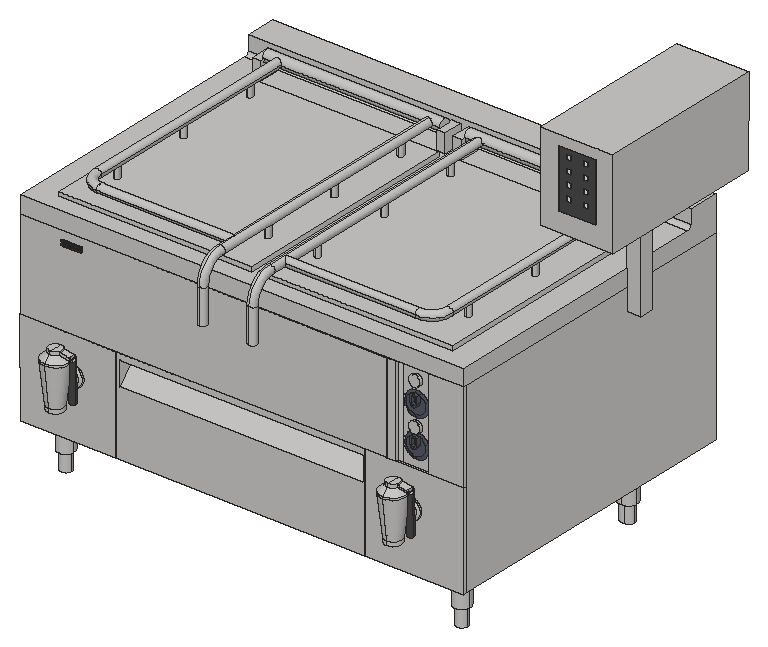
Revit family "QF_ZANUSSI_291162_CR42V", category Attrezzature speciali, Revit 2021
Family settings
  Quota connettore circolare = Usa diametro
  Tipo di parte = Normale
  Basato su piano di lavoro = No
  Sempre verticale = Sì
  Taglio con vuoti quando caricato = No
  Condiviso = No
  Punto di calcolo locali = No
Parameters (values of type "Standard")
  Weight = 380.00 kg
  Watts = 500 W
  Volts = 230 V
  URL Manufacturer = "http://www.zanussiprofessional.com"
  URL = "http://www.zanussiprofessional.com"
  Steam Supply Size = 69.85 mm
  Steam Supply Minimum Pressure = 0.0 Pa
  Steam Supply Maximum Pressure = 1.47638 Pa
  Steam Consumption per Hour = 100
  Refrigeration Suction Line Size = 0 mm
  Refrigeration Liquid Line Size = 0 mm
  Refrigerant Compressor Remote = yes
  Prospetto di default = 0 mm
  Produttore = "Zanussi"
  Phase = 1
  Modello = "CR42V"
  Length Actual = 1600 mm  # constant formula
  Item Number = "291162"
  Hot Water Size = 0 mm
  Height Actual = 850 mm  # constant formula
  HP = "0.7 HP"
  Gas Size = 0 mm
  Gas KW = 0
  Gas Input Pressure = 0 W
  Direct Waste Size = 50.8 mm
  Descrizione = "AUTOMATIC PASTA COOKER-STEAM 2X190 LT"
  Depth Actual = 1280 mm  # constant formula
  Cycle = 50 Hz
  Condensate Return Size = 12.7 mm
  Compressed Air Volume = 0.0 L/s
  Compressed Air Size = 0 mm
  Compressed Air Pressure = 0.0 Pa
  Cold Water Size = 19.05 mm
  Accessory = yes
Reference planes
  plane 1 "Center (Front/Back)": y = 352
  plane 2: z = 0
  plane 3 "Center (Left/Right)": x = -256
  plane 4 "BASE": z = 170
  plane 5 "DisplayBase": z = 1120
  plane 6 "PLANE": z = 900
  plane 7 "FRONT": y = -218
  plane 8 "BACK": y = 922
  plane 9 "LEFT": x = -1056
  plane 10 "RIGHT": x = 544
  plane 11 "EIx": x = 574
  plane 12: x = -1556
  plane 13: x = 1194
  plane 14: y = 1722
  plane 15: z = 1440
  plane 16: x = -966
  plane 17: x = 444
  plane 18: y = 642
  plane 19: y = -118
  plane 20: y = -208
  plane 21: y = 422.42
  plane 22 "ProfiloTubolare": z = 1210
  plane 23 "ProfiloTube": z = 965.724
  plane 24 "ProfiloTube2": x = -346
  plane 25 "EIy": y = 787
  plane 26: x = 605.338
  plane 27 "SupportoDisplayY": y = 546.798
  plane 28: x = -866
  plane 29: x = 354
  plane 30 "HWIz": z = 205
  plane 31 "SIz": z = 275
  plane 32 "SOz": z = 295
  plane 33 "Display": y = 258.192
  plane 34 "HWIx": x = -956
  plane 35 "SIx": x = -861
  plane 36 "SOx": x = -811
  plane 37: z = 310
  plane 38: x = 704
  plane 39: y = -343
Forms (mm)
  Extrusion 1, solid, material "QF_Finishes_Stainless Steel"
    sketch origin (0, 0, 170) x (-1, 0, 0) y (0, -1, 0)
      loop
        line (1056, -922) -> (1056, 208) -> (-544, 208) -> (-544, -922) -> (1056, -922)
    from 0 to 690
  Extrusion 2, solid, material "QF_Finishes_Stainless Steel"
    sketch origin (0, -218, 0) x (0, 0, 1) y (-1, 0, 0)
      loop
        line (170, 1056) -> (170, 711) -> (515, 711) -> (515, 1056) -> (170, 1056)
      loop
        line (170, -544) -> (515, -544) -> (515, -189) -> (170, -189) -> (170, -544)
    from 0 to -10
  Extrusion 3, solid, material "QF_Finishes_Stainless Steel"
    sketch origin (0, -218, 0) x (0, 0, 1) y (-1, 0, 0)
      loop
        line (515, 1056) -> (515, -269) -> (840, -269) -> (840, 1056) -> (515, 1056)
    from 0 to -10
  Extrusion 4, void
    sketch origin (0, -218, 0) x (0, 0, 1) y (-1, 0, 0)
      loop
        line (170, 711) -> (170, -189) -> (515, -189) -> (515, 711) -> (170, 711)
    from 0 to -60
  Extrusion 5, solid, material "QF_Finishes_Stainless Steel"
    sketch origin (0, -218, 0) x (0, 0, 1) y (-1, 0, 0)
      loop
        line (515, 711) -> (170, 711) -> (170, -189) -> (515, -189) -> (515, 711)
    from 0 to -60
  Extrusion 6, void
    sketch origin (-256, 0, 0) x (0, 1, 0) y (0, 0, 1)
      loop
        line (-218, 495) -> (-218, 405) -> (-168, 462.126) -> (-168, 510) -> (-208, 510) -> (-208, 495) -> (-218, 495)
    from -440 to 440
  Extrusion 7, solid, material "QF_Finishes_Stainless Steel"
    sketch origin (0, -218, 0) x (0, 0, 1) y (-1, 0, 0)
      loop
        line (840, -269) -> (515, -269) -> (515, -299) -> (840, -299) -> (840, -269)
      loop
        line (840, -544) -> (840, -419) -> (515, -419) -> (515, -544) -> (840, -544)
    from 0 to -10
  Extrusion 8, void
    sketch origin (0, 0, 900) x (0, 1, 0) y (-1, 0, 0)
      loop
        line (-208, -299) -> (-208, -419) -> (-197.393, -408.393) -> (-197.393, -309.607) -> (-208, -299)
    from -405 to -60
  Extrusion 9, solid, material "QF_Finishes_Stainless Steel"
    sketch origin (0, -218, 0) x (0, 0, 1) y (-1, 0, 0)
      loop
        circle (791.509, -359) r 20
      loop
        circle (640.167, -359) r 20
    from -20.607 to -10
  Blend 10, solid, material "QF_Finishes_Navy Blue"
    base sketch origin (0, -218, 0) x (0, 0, 1) y (-1, 0, 0)
      loop
        circle (713.251, -359) r 45
    top sketch origin (0, -218, 0) x (0, 0, 1) y (-1, 0, 0)
      loop
        circle (713.251, -359) r 35
    from -20.607 to -18.101
  Extrusion 11, solid, material "QF_Finishes_Navy Blue"
    sketch origin (0, -218, 0) x (0, 0, 1) y (-1, 0, 0)
      loop
        line (746.13, -347) -> (719.69, -347)
        arc (719.69, -347) -> (707.69, -359) -> (719.69, -371) r 12
        line (719.69, -371) -> (746.13, -371)
        arc (746.13, -371) -> (748.251, -359) -> (746.13, -347) r 35
      loop
        line (742.423, -352) -> (719.69, -352)
        arc (719.69, -352) -> (712.69, -359) -> (719.69, -366) r 7
        line (719.69, -366) -> (742.423, -366)
        arc (742.423, -366) -> (743.251, -359) -> (742.423, -352) r 30
    from -6.44 to -18.101
  Blend 12, solid, material "QF_Finishes_Navy Blue"
    base sketch origin (0, -218, -155) x (0, 0, 1) y (-1, 0, 0)
      loop
        circle (733.251, -359) r 45
    top sketch origin (0, -218, -155) x (0, 0, 1) y (-1, 0, 0)
      loop
        circle (733.251, -359) r 35
    from -20.607 to -18.101
  Extrusion 13, solid, material "QF_Finishes_Navy Blue"
    sketch origin (0, -218, -155) x (0, 0, 1) y (-1, 0, 0)
      loop
        line (766.13, -347) -> (739.69, -347)
        arc (739.69, -347) -> (727.69, -359) -> (739.69, -371) r 12
        line (739.69, -371) -> (766.13, -371)
        arc (766.13, -371) -> (768.251, -359) -> (766.13, -347) r 35
      loop
        line (762.423, -352) -> (739.69, -352)
        arc (739.69, -352) -> (732.69, -359) -> (739.69, -366) r 7
        line (739.69, -366) -> (762.423, -366)
        arc (762.423, -366) -> (763.251, -359) -> (762.423, -352) r 30
    from -6.44 to -18.101
  Extrusion 14, solid, material "QF_Finishes_Stainless Steel"
    sketch origin (0, 0, 900) x (0, 1, 0) y (-1, 0, 0)
      loop
        line (692, 966) -> (-155.274, 966) -> (-155.274, 271) -> (692, 271) -> (692, 966)
    from 0 to 15
  Extrusion 15, solid, material "QF_Finishes_Stainless Steel"
    sketch origin (0, 0, 900) x (0, 1, 0) y (-1, 0, 0)
      loop
        line (787, 966) -> (717, 966) -> (717, 936) -> (787, 936) -> (787, 966)
      loop
        line (787, 301) -> (717, 301) -> (717, 271) -> (787, 271) -> (787, 301)
    from 0 to 66.232
  Sweep 16, solid, material "QF_Finishes_Stainless Steel"
    path origin (0, 0, 965.724) x (-1, 0, 0) y (0, -1, 0)
      loop
        line (891, -752) -> (891, 78)
        arc (891, 78) -> (873.426, 120.426) -> (831, 138) r 60
        line (831, 138) -> (346, 138)
    profile origin (-891, 337, 965.724) x (1, 0, 0) y (0, 0, 1)
      loop
        circle (0, 0) r 15
  Sweep 17, solid, material "QF_Finishes_Stainless Steel"
    path origin (-346, 0, 0) x (0, 0, 1) y (0, -1, 0)
      loop
        line (965.724, -752) -> (965.724, 201.972)
        arc (965.724, 201.972) -> (942.292, 258.541) -> (885.724, 281.972) r 80
        line (885.724, 281.972) -> (762.083, 281.972)
    profile origin (-346, 275.014, 965.724) x (0, 0, -1) y (1, 0, 0)
      loop
        circle (0, 0) r 15
  Extrusion 18, solid, material "QF_Finishes_Stainless Steel"
    sketch origin (-256, 0, 0) x (0, 1, 0) y (0, 0, 1)
      loop
        line (-218, 840) -> (922, 840) -> (922, 965.724) -> (812, 965.724) -> (812, 915)
        arc (812, 915) -> (807.607, 904.393) -> (797, 900) r 15
        line (797, 900) -> (-218, 900) -> (-218, 840)
    from -800 to 800
  Extrusion 19, solid, material "QF_Finishes_Stainless Steel"
    sketch origin (-256, 0, 0) x (0, 1, 0) y (0, 0, 1)
      loop
        circle (752, 965.724) r 20
    from -45 to -685
  Extrusion 20, solid, material "QF_Finishes_Stainless Steel"
    sketch origin (0, 0, 1210) x (0, -1, 0) y (1, 0, 0)
      loop
        circle (-787, 574) r 10
    from -90 to -103.307
  Extrusion 21, solid, material "QF_Finishes_Stainless Steel"
    sketch origin (0, -240.202, 900) x (0, 1, 0) y (-1, 0, 0)
      loop
        line (762, -594) -> (812, -594) -> (812, -544) -> (762, -544) -> (762, -594)
    from -137.917 to 200
  Extrusion 22, solid, material "QF_Finishes_Stainless Steel"
    sketch origin (0, 352, 0) x (1, 0, 0) y (0, 0, 1)
      loop
        line (444, 1120) -> (704, 1120) -> (704, 1440) -> (444, 1440) -> (444, 1120)
    from -516.192 to 93.808
  Extrusion 23, void
    sketch origin (0, 258.192, 0) x (0, 0, 1) y (-1, 0, 0)
      loop
        line (1400, -506.5) -> (1190, -506.5) -> (1190, -641.5) -> (1400, -641.5) -> (1400, -506.5)
    from 0 to -14.147
  Extrusion 24, solid, material "QF_Plastic-Black-Matte"
    sketch origin (0, 258.192, 0) x (0, 0, 1) y (-1, 0, 0)
      loop
        line (1400, -506.5) -> (1190, -506.5) -> (1190, -641.5) -> (1400, -641.5) -> (1400, -506.5)
      loop
        line (1381.554, -536.792) -> (1366.554, -536.792) -> (1366.554, -551.792) -> (1381.554, -551.792) -> (1381.554, -536.792)
      loop
        line (1336.554, -536.792) -> (1321.554, -536.792) -> (1321.554, -551.792) -> (1336.554, -551.792) -> (1336.554, -536.792)
      loop
        line (1291.554, -536.792) -> (1276.554, -536.792) -> (1276.554, -551.792) -> (1291.554, -551.792) -> (1291.554, -536.792)
      loop
        line (1246.554, -536.792) -> (1231.554, -536.792) -> (1231.554, -551.792) -> (1246.554, -551.792) -> (1246.554, -536.792)
      loop
        line (1381.554, -611.208) -> (1381.554, -596.208) -> (1366.554, -596.208) -> (1366.554, -611.208) -> (1381.554, -611.208)
      loop
        line (1336.554, -611.208) -> (1336.554, -596.208) -> (1321.554, -596.208) -> (1321.554, -611.208) -> (1336.554, -611.208)
      loop
        line (1291.554, -611.208) -> (1291.554, -596.208) -> (1276.554, -596.208) -> (1276.554, -611.208) -> (1291.554, -611.208)
      loop
        line (1246.554, -611.208) -> (1246.554, -596.208) -> (1231.554, -596.208) -> (1231.554, -611.208) -> (1246.554, -611.208)
    from 0 to -14.147
  Extrusion 25, solid, material "QF_Finishes_White"
    sketch origin (0, 258.192, 0) x (0, 0, 1) y (-1, 0, 0)
      loop
        line (1381.554, -536.792) -> (1366.554, -536.792) -> (1366.554, -551.792) -> (1381.554, -551.792) -> (1381.554, -536.792)
      loop
        line (1381.554, -596.208) -> (1366.554, -596.208) -> (1366.554, -611.208) -> (1381.554, -611.208) -> (1381.554, -596.208)
      loop
        line (1336.554, -536.792) -> (1321.554, -536.792) -> (1321.554, -551.792) -> (1336.554, -551.792) -> (1336.554, -536.792)
      loop
        line (1336.554, -596.208) -> (1321.554, -596.208) -> (1321.554, -611.208) -> (1336.554, -611.208) -> (1336.554, -596.208)
      loop
        line (1291.554, -536.792) -> (1276.554, -536.792) -> (1276.554, -551.792) -> (1291.554, -551.792) -> (1291.554, -536.792)
      loop
        line (1291.554, -596.208) -> (1276.554, -596.208) -> (1276.554, -611.208) -> (1291.554, -611.208) -> (1291.554, -596.208)
      loop
        line (1246.554, -536.792) -> (1231.554, -536.792) -> (1231.554, -551.792) -> (1246.554, -551.792) -> (1246.554, -536.792)
      loop
        line (1246.554, -596.208) -> (1231.554, -596.208) -> (1231.554, -611.208) -> (1246.554, -611.208) -> (1246.554, -596.208)
    from 0 to -14.147
  Extrusion 26, solid, material "QF_Clearances", detail levels coarse
    sketch origin (0, 0, 0) x (1, 0, 0) y (0, 1, 0)
      loop
        line (-1056, -218) -> (-1056, 922) -> (574, 922) -> (574, -218) -> (1194, -218) -> (1194, 1722) -> (-1556, 1722) -> (-1556, -218) -> (-1056, -218)
    from 0 to 920
  Extrusion 27, solid, material "QF_Finishes_Stainless Steel"
    sketch origin (0, 922, 0) x (-1, 0, 0) y (0, 0, 1)
      loop
        circle (956, 205) r 6.35
    from 0 to 2
  Extrusion 28, solid, material "QF_Finishes_Stainless Steel"
    sketch origin (0, 922, 0) x (-1, 0, 0) y (0, 0, 1)
      loop
        circle (861, 275) r 15.9
    from 0 to 2
  Extrusion 29, solid, material "QF_Finishes_Stainless Steel"
    sketch origin (0, 922, 0) x (-1, 0, 0) y (0, 0, 1)
      loop
        circle (811, 295) r 6.35
    from 0 to 2
  Extrusion 30, solid, material "QF_Finishes_Stainless Steel"
    sketch origin (-512, 922, 0) x (1, 0, 0) y (0, 0, -1)
      loop
        circle (956, -205) r 6.35
    from 0 to 2
  Extrusion 31, solid, material "QF_Finishes_Stainless Steel"
    sketch origin (-512, 922, 0) x (1, 0, 0) y (0, 0, -1)
      loop
        circle (861, -275) r 15.9
    from 0 to 2
  Extrusion 32, solid, material "QF_Finishes_Stainless Steel"
    sketch origin (-512, 922, 0) x (1, 0, 0) y (0, 0, -1)
      loop
        circle (811, -295) r 6.35
    from 0 to 2
  Extrusion 33, solid, material "QF_Finishes_Stainless Steel"
    sketch origin (-512, 0, 900) x (0, 1, 0) y (-1, 0, 0)
      loop
        line (692, -966) -> (692, -271) -> (-155.274, -271) -> (-155.274, -966) -> (692, -966)
    from 0 to 15
  Extrusion 34, solid, material "QF_Finishes_Stainless Steel"
    sketch origin (-512, 0, 900) x (0, 1, 0) y (-1, 0, 0)
      loop
        line (787, -966) -> (787, -936) -> (717, -936) -> (717, -966) -> (787, -966)
      loop
        line (787, -301) -> (787, -271) -> (717, -271) -> (717, -301) -> (787, -301)
    from 0 to 66.232
  Sweep 35, solid, material "QF_Finishes_Stainless Steel"
    path origin (-512, 0, 965.724) x (1, 0, 0) y (0, -1, 0)
      loop
        line (891, -752) -> (891, 78)
        arc (891, 78) -> (873.426, 120.426) -> (831, 138) r 60
        line (831, 138) -> (346, 138)
    profile origin (379, 337, 965.724) x (1, 0, 0) y (0, 0, 1)
      loop
        circle (0, 0) r 15
  Sweep 36, solid, material "QF_Finishes_Stainless Steel"
    path origin (-166, 0, 0) x (0, 0, 1) y (0, 1, 0)
      loop
        line (965.724, 752) -> (965.724, -201.972)
        arc (965.724, -201.972) -> (942.292, -258.541) -> (885.724, -281.972) r 80
        line (885.724, -281.972) -> (762.083, -281.972)
    profile origin (-166, 275.014, 965.724) x (0, 0, 1) y (-1, 0, 0)
      loop
        circle (0, 0) r 15
  Extrusion 37, solid, material "QF_Finishes_Stainless Steel"
    sketch origin (-256, 0, 0) x (0, 1, 0) y (0, 0, -1)
      loop
        circle (752, -965.724) r 20
    from -45 to -685
  Extrusion 38, solid, material "QF_Finishes_Stainless Steel"
    sketch origin (0, 0, 900) x (0, 1, 0) y (-1, 0, 0)
      loop
        circle (312, 891) r 10
      loop
        circle (612, 891) r 10
      loop
        circle (12, 891) r 10
      loop
        circle (312, 346) r 10
      loop
        circle (612, 346) r 10
      loop
        circle (12, 346) r 10
      loop
        circle (312, -379) r 10
      loop
        circle (612, -379) r 10
      loop
        circle (12, -379) r 10
      loop
        circle (312, 166) r 10
      loop
        circle (612, 166) r 10
      loop
        circle (12, 166) r 10
    from 15 to 65.724
Cuts and joins
  Extrusion 4, Extrusion 8 cuts Extrusion 1
  Extrusion 6 cuts Extrusion 5
  joined: Sweep 16, Sweep 17, Extrusion 19, Sweep 35, Sweep 36, Extrusion 38
  Extrusion 23 cuts Extrusion 22
Lines and regions (mm)
  symbolic lines
    curve 1: line (-966, 787, 900) -> (-936, 787, 900)
    curve 2: line (-966, 717, 900) -> (-966, 787, 900)
    curve 3: line (-936, 717, 900) -> (-966, 717, 900)
    curve 4: line (-936, 787, 900) -> (-936, 717, 900)
    curve 5: line (-301, 787, 900) -> (-271, 787, 900)
    curve 6: line (-301, 717, 900) -> (-301, 787, 900)
    curve 7: line (-271, 717, 900) -> (-301, 717, 900)
    curve 8: line (-271, 787, 900) -> (-271, 717, 900)
    curve 9: line (-906, 732, 900) -> (-906, -78, 900)
    curve 10: line (-361, -153, 900) -> (-831, -153, 900)
    curve 11: arc (-906, -78, 900) -> (-884.033, -131.033, 900) -> (-831, -153, 900) r 75
    curve 12: line (-876, 732, 900) -> (-876, -78, 900)
    curve 13: arc (-876, -78, 900) -> (-862.82, -109.82, 900) -> (-831, -123, 900) r 45
    curve 14: line (-361, -123, 900) -> (-831, -123, 900)
    curve 15: line (-361, 732, 900) -> (-361, -123, 900)
    curve 16: arc (-361, -281.972, 900) -> (-346, -296.972, 900) -> (-331, -281.972, 900) r 15
    curve 17: line (-331, 732, 900) -> (-331, -281.972, 900)
    curve 18: line (-361, -153, 900) -> (-361, -281.972, 900)
    curve 19: line (-361, -123, 900) -> (-346, -138, 900)
    curve 20: line (-346, -138, 900) -> (-361, -153, 900)
    curve 21: line (-301, 732, 900) -> (-331, 732, 900)
    curve 22: arc (-361, 732, 900) -> (-346, 738.771, 900) -> (-331, 732, 900) r 20
    curve 23: line (-876, 732, 900) -> (-361, 732, 900)
    curve 24: line (-906, 732, 900) -> (-936, 732, 900)
    curve 25: line (-936, 772, 900) -> (-301, 772, 900)
    curve 26: line (444, 787, 900) -> (424, 787, 900)
    curve 27: line (424, 717, 900) -> (444, 717, 900)
    curve 28: line (424, 787, 900) -> (424, 717, 900)
    curve 29: line (-211, 787, 900) -> (-241, 787, 900)
    curve 30: line (-211, 717, 900) -> (-211, 787, 900)
    curve 31: line (-241, 717, 900) -> (-211, 717, 900)
    curve 32: line (-241, 787, 900) -> (-241, 717, 900)
    curve 33: line (394, 732, 900) -> (394, -78, 900)
    curve 34: line (-151, -153, 900) -> (319, -153, 900)
    curve 35: arc (394, -78, 900) -> (372.033, -131.033, 900) -> (319, -153, 900) r 75
    curve 36: line (364, 732, 900) -> (364, -78, 900)
    curve 37: arc (364, -78, 900) -> (350.82, -109.82, 900) -> (319, -123, 900) r 45
    curve 38: line (-151, -123, 900) -> (319, -123, 900)
    curve 39: line (-151, 732, 900) -> (-151, -123, 900)
    curve 40: arc (-151, -281.972, 900) -> (-166, -296.972, 900) -> (-181, -281.972, 900) r 15
    curve 41: line (-181, 732, 900) -> (-181, -281.972, 900)
    curve 42: line (-151, -153, 900) -> (-151, -281.972, 900)
    curve 43: line (-151, -123, 900) -> (-166, -138, 900)
    curve 44: line (-166, -138, 900) -> (-151, -153, 900)
    curve 45: line (-211, 732, 900) -> (-181, 732, 900)
    curve 46: arc (-151, 732, 900) -> (-166, 738.771, 900) -> (-181, 732, 900) r 20
    curve 47: line (364, 732, 900) -> (-151, 732, 900)
    curve 48: line (394, 732, 900) -> (424, 732, 900)
    curve 49: line (424, 772, 900) -> (-211, 772, 900)
    curve 50: line (-1056, 922, 900) -> (-1056, -218, 900)
    curve 51: line (-1056, -218, 900) -> (-361, -218, 900)
    curve 52: line (-331, -218, 900) -> (-181, -218, 900)
    curve 53: line (-151, -218, 900) -> (574, -218, 900)
    curve 54: line (574, -218, 900) -> (574, 258.192, 900)
    curve 55: line (444, 258.192, 900) -> (704, 258.192, 900)
    curve 56: line (444, 868.192, 900) -> (444, 258.192, 900)
    curve 57: line (704, 868.192, 900) -> (444, 868.192, 900)
    curve 58: line (704, 258.192, 900) -> (704, 868.192, 900)
    curve 59: line (-966, 692, 900) -> (-906, 692, 900)
    curve 60: line (-876, 692, 900) -> (-361, 692, 900)
    curve 61: line (-331, 692, 900) -> (-271, 692, 900)
    curve 62: line (-271, 692, 900) -> (-271, -155.274, 900)
    curve 63: line (-271, -155.274, 900) -> (-331, -155.274, 900)
    curve 64: line (-966, 692, 900) -> (-966, -155.274, 900)
    curve 65: line (-966, -155.274, 900) -> (-361, -155.274, 900)
    curve 66: line (444, 692, 900) -> (394, 692, 900)
    curve 67: line (364, 692, 900) -> (-151, 692, 900)
    curve 68: line (-181, 692, 900) -> (-241, 692, 900)
    curve 69: line (-241, 692, 900) -> (-241, -155.274, 900)
    curve 70: line (-241, -155.274, 900) -> (-181, -155.274, 900)
    curve 71: line (454, 258.192, 900) -> (454, -155.274, 900)
    curve 72: line (454, -155.274, 900) -> (-151, -155.274, 900)
    curve 73: line (-1056, 922, 900) -> (574, 922, 900)
    curve 74: line (574, 922, 900) -> (574, 868.192, 900)
  symbolic lines, style "QF_Clearances", detail levels coarse
    curve 75: line (-1056, -218, 900) -> (-1556, -218, 900)
    curve 76: line (-1556, -218, 900) -> (-1556, 1722, 900)
    curve 77: line (-1556, 1722, 900) -> (1194, 1722, 900)
    curve 78: line (1194, 1722, 900) -> (1194, -218, 900)
    curve 79: line (1194, -218, 900) -> (574, -218, 900)
Dimensions and locks
  plane 5 "DisplayBase" to level = 1120 mm
  plane 4 "BASE" to level = 170 mm  (x2)
  locked: plane 9 "LEFT" to plane 10 "RIGHT" at 1600
  equal spacing: plane 9 "LEFT", plane 3 "Center (Left/Right)", plane 10 "RIGHT"
  plane 14 to plane 8 "BACK" = 800 mm
  locked: plane 7 "FRONT" to plane 8 "BACK" at 1140
  equal spacing: plane 7 "FRONT", plane 1 "Center (Front/Back)", plane 8 "BACK"
  plane 12 to plane 9 "LEFT" = 500 mm  (x2)
  plane 10 "RIGHT" to plane 13 = 650 mm  (x2)
  plane 9 "LEFT" to plane 11 "EIx" = 1630 mm
  plane 15 to plane 5 "DisplayBase" = 320 mm
  plane 9 "LEFT" to plane 16 = 90 mm
  plane 16 to plane 17 = 1410 mm
  plane 17 to plane 10 "RIGHT" = 100 mm
  plane 9 "LEFT" to plane 10 "RIGHT" = 1600 mm
  plane 8 "BACK" to plane 18 = 280 mm
  plane 18 to plane 19 = 760 mm
  plane 19 to plane 7 "FRONT" = 100 mm
  plane 8 "BACK" to plane 18 to plane 19 to plane 7 "FRONT" = 280 mm, 760 mm, 100 mm
  plane 8 "BACK" to plane 25 "EIy" = 135 mm
  plane 10 "RIGHT" to plane 11 "EIx" = 30 mm
  plane 15 to plane 5 "DisplayBase" to level = 320 mm, 1120 mm
  plane 9 "LEFT" to plane 28 = 190 mm
  plane 29 to plane 10 "RIGHT" = 190 mm
  plane 9 "LEFT" to plane 34 "HWIx" = 100 mm
  plane 9 "LEFT" to plane 35 "SIx" = 195 mm
  plane 9 "LEFT" to plane 36 "SOx" = 245 mm
  plane 30 "HWIz" to level = 205 mm
  plane 31 "SIz" to level = 275 mm
  plane 32 "SOz" to level = 295 mm
  plane 37 to level = 310 mm
  plane 6 "PLANE" to level = 900 mm
  plane 38 to plane 17 = 260 mm
  plane 38 to plane 9 "LEFT" = 1760 mm
  plane 10 "RIGHT" to plane 9 "LEFT" = 1600 mm
  plane 11 "EIx" to plane 10 "RIGHT" = 30 mm
  plane 7 "FRONT" to plane 39 = 125 mm
  aligned and locked: level to plane 2
  aligned and locked: plane 16 to nested 1
  aligned and locked: plane 17 to nested 2
  aligned and locked: nested 1 to plane 18
  aligned and locked: nested 2 to plane 18
  aligned and locked: nested 3 to plane 19
  aligned and locked: nested 4 to plane 19
  aligned and locked: nested 6 to plane 28
  aligned and locked: nested 5 to plane 29
Automatic sketch dimensions
  Extrusion 1 sketch curve to plane 8 "BACK" = 0 mm
  Extrusion 1 sketch curve to plane 10 "RIGHT" = 0 mm
  Extrusion 1 sketch curve to plane 9 "LEFT" = 0 mm
  plane 20 to Extrusion 1 sketch curve = 0 mm
  Extrusion 2 sketch curve to plane 4 "BASE" = 0 mm  (x2)
  Extrusion 2 sketch curve to plane 10 "RIGHT" = 0 mm
  Extrusion 2 sketch curve to plane 9 "LEFT" = 0 mm
  Extrusion 2 sketch curve to plane 36 "SOx" = 100 mm
  plane 37 to Extrusion 2 sketch curve = 205 mm  (x2)
  Extrusion 2 sketch curve to plane 29 = 165 mm
  Extrusion 3 sketch curve to plane 9 "LEFT" = 0 mm
  Extrusion 3 sketch curve to plane 29 = 85 mm
  plane 37 to Extrusion 3 sketch curve = 205 mm
  Extrusion 3 sketch curve to plane 6 "PLANE" = 60 mm
  Extrusion 4 sketch curve to plane 4 "BASE" = 0 mm
  Extrusion 4 sketch curve to plane 36 "SOx" = 100 mm
  plane 37 to Extrusion 4 sketch curve = 205 mm
  Extrusion 4 sketch curve to plane 29 = 165 mm
  Extrusion 5 sketch curve to plane 4 "BASE" = 0 mm
  Extrusion 5 sketch curve to plane 36 "SOx" = 100 mm
  plane 37 to Extrusion 5 sketch curve = 205 mm
  Extrusion 5 sketch curve to plane 29 = 165 mm
  Extrusion 6 sketch curve to plane 7 "FRONT" = 0 mm
  Extrusion 6 sketch curve to plane 20 = 0 mm
  Extrusion 6 sketch curve to Extrusion 6 sketch curve = 40 mm
  plane 37 to Extrusion 6 sketch curve = 95 mm
  Extrusion 6 sketch curve to Extrusion 6 sketch curve = 57.126 mm
  Extrusion 6 sketch curve to Extrusion 6 sketch curve = 32.874 mm
  Extrusion 6 sketch curve to Extrusion 6 sketch curve = 15 mm
  Extrusion 7 sketch curve to plane 10 "RIGHT" = 0 mm
  plane 37 to Extrusion 7 sketch curve = 205 mm
  Extrusion 7 sketch curve to Extrusion 7 sketch curve = 0 mm
  Extrusion 7 sketch curve to plane 17 = 25 mm
  Extrusion 7 sketch curve to plane 6 "PLANE" = 60 mm  (x2)
  Extrusion 7 sketch curve to plane 29 = 55 mm
  Extrusion 7 sketch curve to Extrusion 7 sketch curve = 30 mm
  plane 20 to Extrusion 8 sketch curve = 0 mm
  Extrusion 8 sketch curve to plane 20 = 10.607 mm
  Extrusion 8 sketch curve to plane 17 = 25 mm
  Extrusion 8 sketch curve to Extrusion 8 sketch curve = 10.607 mm  (x2)
  Extrusion 8 sketch curve to plane 29 = 44.393 mm
  plane 29 to Extrusion 9 sketch curve = 5 mm  (x2)
  Extrusion 9 sketch curve to plane 6 "PLANE" = 259.833 mm
  Extrusion 9 sketch curve to plane 6 "PLANE" = 108.491 mm
  plane 29 to Blend 10 sketch curve = 5 mm  (x2)
  Blend 10 sketch curve to plane 6 "PLANE" = 186.749 mm  (x2)
  Extrusion 11 sketch curve to Extrusion 11 sketch curve = 0 mm  (x4)
  plane 29 to Extrusion 11 sketch curve = 5 mm
  Extrusion 11 sketch curve to plane 6 "PLANE" = 186.749 mm
  Extrusion 11 sketch curve to Extrusion 11 sketch curve = 6.439 mm
  Extrusion 11 sketch curve to plane 29 = 2 mm
  Extrusion 11 sketch curve to Extrusion 11 sketch curve = 22.733 mm
  plane 29 to Extrusion 11 sketch curve = 12 mm
  Extrusion 11 sketch curve to Extrusion 11 sketch curve = 3.707 mm
  Extrusion 11 sketch curve to Extrusion 11 sketch curve = 5 mm
  plane 29 to Blend 12 sketch curve = 5 mm  (x2)
  plane 37 to Blend 12 sketch curve = 268.251 mm  (x2)
  Extrusion 13 sketch curve to Extrusion 13 sketch curve = 0 mm  (x4)
  plane 29 to Extrusion 13 sketch curve = 5 mm
  plane 37 to Extrusion 13 sketch curve = 268.251 mm
  Extrusion 13 sketch curve to Extrusion 13 sketch curve = 6.439 mm
  Extrusion 13 sketch curve to plane 29 = 2 mm
  Extrusion 13 sketch curve to Extrusion 13 sketch curve = 22.733 mm
  plane 29 to Extrusion 13 sketch curve = 12 mm
  Extrusion 13 sketch curve to Extrusion 13 sketch curve = 3.707 mm
  Extrusion 13 sketch curve to Extrusion 13 sketch curve = 5 mm
  Extrusion 14 sketch curve to plane 16 = 0 mm
  Extrusion 14 sketch curve to plane 19 = 37.274 mm
  Extrusion 14 sketch curve to plane 3 "Center (Left/Right)" = 15 mm
  plane 18 to Extrusion 14 sketch curve = 50 mm
  Extrusion 15 sketch curve to plane 16 = 0 mm
  Extrusion 15 sketch curve to plane 25 "EIy" = 0 mm  (x2)
  Extrusion 15 sketch curve to plane 25 "EIy" = 70 mm  (x2)
  plane 34 "HWIx" to Extrusion 15 sketch curve = 20 mm
  Extrusion 15 sketch curve to plane 3 "Center (Left/Right)" = 45 mm
  Extrusion 15 sketch curve to plane 3 "Center (Left/Right)" = 15 mm
  Sweep 16 sketch curve to plane 24 "ProfiloTube2" = 0 mm
  plane 36 "SOx" to Sweep 16 sketch curve = 20 mm
  Sweep 16 sketch curve to plane 28 = 25 mm
  plane 19 to Sweep 16 sketch curve = 40 mm
  Sweep 16 sketch curve to plane 25 "EIy" = 35 mm
  profile plane to Sweep 16 sketch curve = 0 mm
  Sweep 16 sketch curve to profile plane = 0 mm
  plane 23 "ProfiloTube" to Sweep 17 sketch curve = 0 mm
  Sweep 17 sketch curve to plane 6 "PLANE" = 14.276 mm
  Sweep 17 sketch curve to plane 7 "FRONT" = 16.028 mm
  Sweep 17 sketch curve to Sweep 17 sketch curve = 123.641 mm
  Sweep 17 sketch curve to plane 25 "EIy" = 35 mm
  Sweep 17 sketch curve to profile plane = 0 mm  (x2)
  Extrusion 18 sketch curve to plane 7 "FRONT" = 0 mm
  Extrusion 18 sketch curve to plane 6 "PLANE" = 0 mm
  plane 23 "ProfiloTube" to Extrusion 18 sketch curve = 0 mm
  Extrusion 18 sketch curve to plane 8 "BACK" = 0 mm
  plane 25 "EIy" to Extrusion 18 sketch curve = 10 mm
  Extrusion 18 sketch curve to Extrusion 18 sketch curve = 15 mm
  Extrusion 18 sketch curve to plane 6 "PLANE" = 60 mm
  plane 23 "ProfiloTube" to Extrusion 19 sketch curve = 0 mm
  Extrusion 19 sketch curve to plane 25 "EIy" = 35 mm
  Extrusion 20 sketch curve to plane 11 "EIx" = 0 mm
  Extrusion 20 sketch curve to plane 25 "EIy" = 0 mm
  Extrusion 21 sketch curve to plane 10 "RIGHT" = 0 mm
  plane 26 to Extrusion 21 sketch curve = 11.338 mm
  Extrusion 21 sketch curve to plane 27 "SupportoDisplayY" = 25 mm
  plane 27 "SupportoDisplayY" to Extrusion 21 sketch curve = 25 mm
  Extrusion 22 sketch curve to plane 15 = 0 mm
  Extrusion 22 sketch curve to plane 17 = 0 mm
  Extrusion 22 sketch curve to plane 5 "DisplayBase" = 0 mm
  Extrusion 22 sketch curve to plane 38 = 0 mm
  plane 22 "ProfiloTubolare" to Extrusion 23 sketch curve = 20 mm
  Extrusion 23 sketch curve to plane 15 = 40 mm
  Extrusion 23 sketch curve to plane 26 = 36.162 mm
  Extrusion 23 sketch curve to plane 10 "RIGHT" = 37.5 mm
  plane 22 "ProfiloTubolare" to Extrusion 24 sketch curve = 20 mm
  plane 26 to Extrusion 24 sketch curve = 9.13 mm  (x4)
  Extrusion 24 sketch curve to plane 22 "ProfiloTubolare" = 21.554 mm  (x2)
  plane 10 "RIGHT" to Extrusion 24 sketch curve = 7.792 mm  (x4)
  Extrusion 24 sketch curve to plane 10 "RIGHT" = 7.208 mm  (x4)
  Extrusion 24 sketch curve to Extrusion 24 sketch curve = 15 mm  (x8)
  Extrusion 24 sketch curve to plane 26 = 5.87 mm  (x4)
  Extrusion 24 sketch curve to Extrusion 24 sketch curve = 30 mm  (x6)
  Extrusion 24 sketch curve to Extrusion 24 sketch curve = 18.446 mm
  Extrusion 24 sketch curve to plane 26 = 36.162 mm
  Extrusion 24 sketch curve to Extrusion 24 sketch curve = 30.292 mm
  Extrusion 25 sketch curve to plane 26 = 5.87 mm  (x4)
  Extrusion 25 sketch curve to plane 22 "ProfiloTubolare" = 21.554 mm  (x2)
  plane 10 "RIGHT" to Extrusion 25 sketch curve = 7.792 mm  (x4)
  Extrusion 25 sketch curve to Extrusion 25 sketch curve = 15 mm  (x8)
  Extrusion 25 sketch curve to Extrusion 25 sketch curve = 30 mm  (x6)
  Extrusion 25 sketch curve to plane 10 "RIGHT" = 7.208 mm  (x4)
  plane 26 to Extrusion 25 sketch curve = 9.13 mm  (x4)
  plane 7 "FRONT" to Extrusion 26 sketch curve = 0 mm  (x2)
  Extrusion 26 sketch curve to plane 12 = 0 mm
  Extrusion 26 sketch curve to plane 9 "LEFT" = 0 mm
  Extrusion 26 sketch curve to plane 11 "EIx" = 0 mm
  Extrusion 26 sketch curve to plane 13 = 0 mm
  Extrusion 26 sketch curve to plane 8 "BACK" = 0 mm
  Extrusion 26 sketch curve to plane 14 = 0 mm
  Extrusion 27 sketch curve to plane 30 "HWIz" = 0 mm
  Extrusion 27 sketch curve to plane 34 "HWIx" = 0 mm
  Extrusion 28 sketch curve to plane 31 "SIz" = 0 mm
  plane 35 "SIx" to Extrusion 28 sketch curve = 0 mm
  Extrusion 29 sketch curve to plane 32 "SOz" = 0 mm
  plane 36 "SOx" to Extrusion 29 sketch curve = 0 mm
  Extrusion 30 sketch curve to plane 17 = 0 mm
  Extrusion 30 sketch curve to plane 30 "HWIz" = 0 mm
  Extrusion 31 sketch curve to plane 31 "SIz" = 0 mm
  plane 29 to Extrusion 31 sketch curve = 5 mm
  Extrusion 32 sketch curve to plane 32 "SOz" = 0 mm
  plane 29 to Extrusion 32 sketch curve = 55 mm
  Extrusion 33 sketch curve to plane 17 = 10 mm
  plane 19 to Extrusion 33 sketch curve = 37.274 mm
  Extrusion 33 sketch curve to plane 3 "Center (Left/Right)" = 15 mm
  Extrusion 33 sketch curve to plane 18 = 50 mm
  Extrusion 34 sketch curve to plane 25 "EIy" = 0 mm  (x2)
  plane 25 "EIy" to Extrusion 34 sketch curve = 70 mm  (x2)
  Extrusion 34 sketch curve to plane 17 = 10 mm
  plane 17 to Extrusion 34 sketch curve = 20 mm
  Extrusion 34 sketch curve to plane 3 "Center (Left/Right)" = 45 mm
  Extrusion 34 sketch curve to plane 3 "Center (Left/Right)" = 15 mm
  plane 19 to Sweep 35 sketch curve = 20 mm
  plane 29 to Sweep 35 sketch curve = 35 mm
  Sweep 35 sketch curve to plane 29 = 25 mm
  Sweep 35 sketch curve to plane 3 "Center (Left/Right)" = 90 mm
  plane 25 "EIy" to Sweep 35 sketch curve = 35 mm
  Sweep 35 sketch curve to plane 23 "ProfiloTube" = 0 mm
  profile plane to Sweep 35 sketch curve = 0 mm
  plane 23 "ProfiloTube" to Sweep 36 sketch curve = 0 mm
  Sweep 36 sketch curve to plane 6 "PLANE" = 14.276 mm
  plane 7 "FRONT" to Sweep 36 sketch curve = 63.972 mm
  Sweep 36 sketch curve to Sweep 36 sketch curve = 123.641 mm
  Sweep 36 sketch curve to plane 25 "EIy" = 35 mm
  Sweep 36 sketch curve to profile plane = 0 mm
  profile plane to Sweep 36 sketch curve = 0 mm
  plane 23 "ProfiloTube" to Extrusion 37 sketch curve = 0 mm
  Extrusion 37 sketch curve to plane 25 "EIy" = 35 mm
  curve 11 to curve 13 = 0 mm  (x2)
  curve 35 to curve 37 = 0 mm  (x2)
  curve 16 to plane 24 "ProfiloTube2" = 0 mm
  plane 7 "FRONT" to curve 75 = 0 mm
  plane 7 "FRONT" to curve 52 = 0 mm
  plane 7 "FRONT" to curve 54 = 0 mm
  curve 64 to plane 16 = 0 mm
  curve 20 to plane 24 "ProfiloTube2" = 0 mm
  plane 33 "Display" to curve 58 = 0 mm
  curve 66 to plane 17 = 0 mm
  curve 3 to plane 16 = 0 mm
  curve 22 to plane 24 "ProfiloTube2" = 0 mm
  curve 26 to plane 25 "EIy" = 0 mm
  curve 29 to plane 25 "EIy" = 0 mm
  curve 8 to plane 25 "EIy" = 0 mm
  curve 1 to plane 25 "EIy" = 0 mm
  curve 57 to plane 38 = 0 mm
  curve 74 to plane 11 "EIx" = 0 mm
  curve 73 to plane 8 "BACK" = 0 mm
  curve 77 to plane 13 = 0 mm
  curve 77 to plane 14 = 0 mm
  curve 79 to plane 11 "EIx" = 0 mm
  curve 75 to plane 9 "LEFT" = 0 mm
  curve 76 to plane 12 = 0 mm
  plane 7 "FRONT" to curve 41 = 63.972 mm
  plane 7 "FRONT" to curve 16 = 63.972 mm
  curve 64 to plane 19 = 37.274 mm
  plane 17 to curve 71 = 10 mm
  curve 71 to plane 19 = 37.274 mm
  plane 3 "Center (Left/Right)" to curve 69 = 15 mm
  curve 69 to plane 19 = 37.274 mm
  curve 62 to plane 3 "Center (Left/Right)" = 15 mm
  curve 62 to curve 69 = 0 mm
  curve 65 to curve 18 = 2.274 mm
  curve 34 to plane 19 = 35 mm
  curve 43 to plane 19 = 20 mm
  curve 20 to plane 19 = 20 mm
  curve 19 to plane 19 = 5 mm
  curve 43 to plane 19 = 5 mm
  plane 36 "SOx" to curve 13 = 20 mm
  plane 19 to curve 13 = 40 mm
  plane 19 to curve 37 = 40 mm
  plane 18 to curve 69 = 50 mm
  plane 18 to curve 64 = 50 mm
  curve 62 to curve 68 = 0 mm
  curve 68 to curve 31 = 25 mm
  curve 61 to curve 8 = 25 mm
  curve 59 to curve 3 = 25 mm
  curve 27 to plane 17 = 20 mm
  curve 27 to plane 25 "EIy" = 70 mm
  curve 61 to curve 22 = 26.771 mm
  curve 68 to curve 46 = 26.771 mm
  curve 27 to curve 33 = 15 mm
  plane 29 to curve 36 = 10 mm
  curve 36 to curve 33 = 0 mm
  curve 59 to curve 12 = 40 mm
  plane 24 "ProfiloTube2" to curve 17 = 15 mm
  curve 46 to curve 45 = 13.229 mm
  curve 9 to curve 12 = 0 mm
  curve 57 to plane 8 "BACK" = 53.808 mm
  curve 38 to curve 69 = 90 mm
  curve 44 to curve 38 = 0 mm
  curve 40 to curve 40 = 15 mm
  plane 3 "Center (Left/Right)" to curve 30 = 45 mm
  plane 3 "Center (Left/Right)" to curve 32 = 15 mm
  curve 7 to plane 3 "Center (Left/Right)" = 15 mm
  curve 7 to curve 7 = 30 mm
  plane 34 "HWIx" to curve 4 = 20 mm
  curve 68 to curve 67 = 0 mm
  curve 67 to curve 66 = 0 mm
  curve 60 to curve 61 = 0 mm
  curve 49 to plane 25 "EIy" = 15 mm
  curve 25 to plane 25 "EIy" = 15 mm
  Extrusion 38 sketch curve to plane 24 "ProfiloTube2" = 0 mm  (x3)
  plane 19 to Extrusion 38 sketch curve = 130 mm  (x4)
  Extrusion 38 sketch curve to plane 28 = 25 mm  (x3)
  plane 29 to Extrusion 38 sketch curve = 25 mm  (x3)
  plane 1 "Center (Front/Back)" to Extrusion 38 sketch curve = 40 mm  (x4)
  Extrusion 38 sketch curve to plane 18 = 30 mm  (x4)
  plane 3 "Center (Left/Right)" to Extrusion 38 sketch curve = 90 mm  (x3)
  radius of Extrusion 9 sketch curve = 20 mm  (x2)
  radius of Blend 10 sketch curve = 45 mm
  radius of Blend 10 sketch curve = 35 mm
  radius of Blend 12 sketch curve = 45 mm
  radius of Blend 12 sketch curve = 35 mm
  radius of Sweep 16 sketch curve = 15 mm
  radius of Sweep 17 sketch curve = 15 mm
  radius of Extrusion 19 sketch curve = 20 mm
  radius of Extrusion 20 sketch curve = 10 mm
  radius of Extrusion 27 sketch curve = 6.35 mm
  radius of Extrusion 28 sketch curve = 15.9 mm
  radius of Extrusion 29 sketch curve = 6.35 mm
  radius of Extrusion 30 sketch curve = 6.35 mm
  radius of Extrusion 31 sketch curve = 15.9 mm
  radius of Extrusion 32 sketch curve = 6.35 mm
  radius of Sweep 35 sketch curve = 15 mm
  radius of Sweep 36 sketch curve = 15 mm
  radius of Extrusion 37 sketch curve = 20 mm
  radius of Extrusion 38 sketch curve = 10 mm  (x12)
Nested families
  nested 1: "FEET170" at (-966, 642, 0), type "FEET170"
  nested 2: "FEET170" at (444, 642, 0), type "FEET170"
  nested 3: "FEET170" at (-971, -118, 0), type "FEET170"
  nested 4: "FEET170" at (459, -118, 0), type "FEET170"
  nested 5: "Block1" at (364, -182.713, 381.695), type "Block1"
  nested 6: "Block1" at (-856, -182.713, 381.695), type "Block1"
  nested 7: "FEET170" at (454, 642, 0) x (-1, 0, 0) z (0, 0, 1), type "FEET170"
  nested 8: "FEET170" at (459, -118, 0) x (-1, 0, 0) z (0, 0, 1), type "FEET170"
  nested 9: "ZANUSSI_Logo" at (-866.08, -218, 849) x (1, 0, 0) z (0, -1, 0), type "ZANUSSI_Logo"
    with Show Logo yes
Connectors
  piping at (444, 922, 205), diameter 12.7
    settings: on Extrusion 30, index 1, connector inside diameter 609.6 mm, connector length 0 mm, flow factor 0, pipe flow 0.0 L/s, pressure drop 0.0 Pa, fitting loss kfactor 0, connector angle 0.00°, fixture units 0, engagement length 0 mm, angle of deflection 0.00°, flow configuration 1, flow direction 1, fitting loss method 0, system type 19, joint type 0, gender type 0, connector reference index -1, connector utility 0, adjustable connector no, is connector primary yes, connector description "Hot Water Inlet"
  piping at (-956, 922, 205), diameter 12.7
    settings: on Extrusion 27, index 2, connector inside diameter 609.6 mm, connector length 0 mm, flow factor 0, pipe flow 0.0 L/s, pressure drop 0.0 Pa, fitting loss kfactor 0, connector angle 0.00°, fixture units 0, engagement length 0 mm, angle of deflection 0.00°, flow configuration 1, flow direction 1, fitting loss method 0, system type 19, joint type 0, gender type 0, connector reference index -1, connector utility 0, adjustable connector no, is connector primary no, connector description "Hot Water Inlet"
  piping at (349, 922, 275), diameter 31.8
    settings: on Extrusion 31, index 3, connector inside diameter 609.6 mm, connector length 0 mm, flow factor 0, pipe flow 0.0 L/s, pressure drop 0.0 Pa, fitting loss kfactor 0, connector angle 0.00°, fixture units 0, engagement length 0 mm, angle of deflection 0.00°, flow configuration 1, flow direction 1, fitting loss method 0, system type 7, joint type 0, gender type 0, connector reference index -1, connector utility 0, adjustable connector no, is connector primary no, connector description "Steam Inlet"
  piping at (299, 924, 295), diameter 12.7
    settings: on Extrusion 32, index 4, connector inside diameter 609.6 mm, connector length 0 mm, flow factor 0, pipe flow 0.0 L/s, pressure drop 0.0 Pa, fitting loss kfactor 0, connector angle 0.00°, fixture units 0, engagement length 0 mm, angle of deflection 0.00°, flow configuration 1, flow direction 2, fitting loss method 0, system type 8, joint type 0, gender type 0, connector reference index -1, connector utility 0, adjustable connector no, is connector primary no, connector description "Steam Outlet"
  piping at (-811, 924, 295), diameter 12.7
    settings: on Extrusion 29, index 5, connector inside diameter 609.6 mm, connector length 0 mm, flow factor 0, pipe flow 0.0 L/s, pressure drop 0.0 Pa, fitting loss kfactor 0, connector angle 0.00°, fixture units 0, engagement length 0 mm, angle of deflection 0.00°, flow configuration 1, flow direction 2, fitting loss method 0, system type 8, joint type 0, gender type 0, connector reference index -1, connector utility 0, adjustable connector no, is connector primary no, connector description "Steam Outlet"
  piping at (-861, 924, 275), diameter 31.8
    settings: on Extrusion 28, index 6, connector inside diameter 609.6 mm, connector length 0 mm, flow factor 0, pipe flow 0.0 L/s, pressure drop 0.0 Pa, fitting loss kfactor 0, connector angle 0.00°, fixture units 0, engagement length 0 mm, angle of deflection 0.00°, flow configuration 1, flow direction 1, fitting loss method 0, system type 7, joint type 0, gender type 0, connector reference index -1, connector utility 0, adjustable connector no, is connector primary no, connector description "Steam Inlet"
  electrical at (574, 787, 1106.693), driven by "Volts"
    settings: on Extrusion 20, index 7, voltage 230 V, apparent load 0 VA, apparent load phase1 0 VA, apparent load phase2 0 VA, apparent load phase3 0 VA, power factor 1, load classification "Other", number of poles 1, system type 30, power factor state 1, is connector primary yes, connector utility no, sub classification motor no, connector description "Electrical Connection"
Definition of nested family "FEET170"
  Parameters
    Default Elevation = 0 mm
    FEET = 170 mm
  Reference planes
    plane 1 "Center (Front/Back)": y = 0
    plane 2: z = 0
    plane 3 "Center (Left/Right)": x = 0
    plane 4: z = 170
  Forms (mm)
    Revolve 1, solid
      sketch origin (255.05, 0, 608.09) x (0, 0, 1) y (-1, 0, 0)
        loop
          line (-438.09, 255.05) -> (-608.09, 255.05) -> (-608.09, 235.05) -> (-543.09, 235.05) -> (-543.09, 225.05) -> (-438.09, 225.05) -> (-438.09, 255.05)
        axis (-608.09, 255.05) -> (-438.09, 255.05)
      angle from 0 to 360
  Lines and regions (mm)
    symbolic lines, detail levels coarse
      curve 1: line (0, -0.49, 0) -> (0, 0.51, 0)
      curve 2: line (0.5, 0, 0) -> (-0.5, 0, 0)
  Dimensions and locks
    "FEET": plane 4 to plane 2
    aligned and locked: level to plane 2
  Automatic sketch dimensions
    plane 1 "Center (Front/Back)" to curve 2 = 0 mm
    curve 1 to plane 3 "Center (Left/Right)" = 0 mm
    plane 1 "Center (Front/Back)" to curve 1 = 0.49 mm
    curve 2 to plane 3 "Center (Left/Right)" = 0.5 mm
    plane 3 "Center (Left/Right)" to curve 2 = 0.5 mm
    curve 1 to plane 1 "Center (Front/Back)" = 0.51 mm
    Revolve 1 sketch curve to plane 3 "Center (Left/Right)" = 0 mm  (x2)
    Revolve 1 sketch curve to plane 4 = 0 mm
    plane 3 "Center (Left/Right)" to Revolve 1 sketch curve = 20 mm
    Revolve 1 sketch curve to plane 4 = 105 mm
    level to Revolve 1 sketch curve = 0 mm
    Revolve 1 sketch curve to Revolve 1 sketch curve = 10 mm
    Revolve 1 sketch curve to Revolve 1 sketch curve = 50 mm
    Revolve 1 sketch curve to Revolve 1 sketch curve = 20 mm
Definition of nested family "Block1"
  Parameters
    Default Elevation = 0 mm
  Reference planes
    plane 1 "Back": y = 0
    plane 2: z = 0
    plane 3 "Center (Left/Right)": x = -10
    plane 4: x = 73.5
    plane 5: x = -93.5
    plane 6 "Center (Front/Back)": y = -113.221
    plane 7: y = -101.221
    plane 8: y = -125.221
    plane 9: y = -125
    plane 10 "BACK": y = -35.287
  Forms (mm)
    Revolve 1, solid
      sketch origin (-10, -35.287, 0) x (0, -1, 0) y (0, 0, 1)
        loop
          line (0, 0) -> (0, -38.077) -> (3.493, -38.077) -> (10.479, -27.945) -> (24.452, -27.945) -> (24.452, -31.438) -> (34.931, -31.438) -> (34.931, -27.945) -> (59.383, -27.945) -> (59.383, 0) -> (0, 0)
        axis (0, 0) -> (59.383, 0)
      angle from 0 to 360
    Revolve 2, solid
      sketch origin (-10, -35.287, 0) x (0, -1, 0) y (0, 0, 1)
        loop
          line (78.801, -71.695) -> (78.801, 124.542) -> (55.513, 124.542) -> (55.513, 112.898) -> (53.185, 112.898) -> (32.601, 92.315) -> (32.601, 86.493) -> (49.264, -56.695) -> (49.264, -71.695) -> (78.801, -71.695)
        axis (78.801, -71.695) -> (78.801, 124.542)
      angle from 0 to 360
    Extrusion 3, solid
      sketch origin (0, 0, 68.242) x (-1, 0, 0) y (0, 0, 1)
        loop
          line (10, 56.3) -> (-3.972, 56.3) -> (-48.861, 49.991) -> (-47.675, 41.551) -> (-2.786, 47.86) -> (10, 47.86) -> (10, 56.3)
      from -125.221 to -101.221
    Extrusion 4, solid
      sketch origin (29.594, 0, 64.083) x (-1, 0, 0) y (0, 0, 1)
        loop
          line (-18.081, 45.71) -> (-19.267, 54.151) -> (-23.811, 45.667)
          arc (-23.811, 45.667) -> (-21.868, 41.275) -> (-18.081, 44.229) r 3.046
          line (-18.081, 44.229) -> (-18.081, 45.71)
        loop
          circle (-21.126, 44.229) r 0.699
      from -125.221 to -122
    Extrusion 5, solid
      sketch origin (29.594, -226.443, 64.083) x (-1, 0, 0) y (0, 0, -1)
        loop
          line (-18.081, -45.71) -> (-18.081, -44.229)
          arc (-18.081, -44.229) -> (-21.868, -41.275) -> (-23.811, -45.667) r 3.046
          line (-23.811, -45.667) -> (-19.267, -54.151) -> (-18.081, -45.71)
        loop
          circle (-21.126, -44.229) r 0.699
      from -125.221 to -122
    Extrusion 6, solid
      sketch origin (29.594, 0, 64.083) x (-1, 0, 0) y (0, 0, 1)
        loop
          circle (-21.126, 44.229) r 0.699
      from -125.802 to -100.62
    Extrusion 7, solid
      sketch origin (29.594, -113.221, 64.083) x (0, 0, -1) y (-1, 0, 0)
        loop
          line (-39.886, -26.877) -> (-39.886, -18.418) -> (-45.163, -20.031)
          arc (-45.163, -20.031) -> (-45.647, -20.88) -> (-45.479, -21.841) r 1.439
          line (-45.479, -21.841) -> (-39.886, -26.877)
        loop
          circle (-44.229, -21.126) r 0.699
      from -7 to 7
    Revolve 8, solid
      sketch origin (30.162, -113.221, 64.26) x (0, 0, -1) y (-1, 0, 0)
        loop
          line (-39.709, -22.702) -> (-39.709, -31.05) -> (96.412, -33.426) -> (96.412, -22.702) -> (-39.709, -22.702)
        axis (96.412, -22.702) -> (-39.709, -22.702)
      angle from 0 to 360
  Cuts and joins
    joined: Revolve 1, Revolve 2, Extrusion 3, Extrusion 4, Extrusion 5
  Lines and regions (mm)
    symbolic lines
      curve 1: arc (27.682, -125.221, 0) -> (-38.186, -140.721, 0) -> (-22.078, -75, 0) r 39.678
      curve 2: line (51.68, -101.221, 0) -> (8.71, -101.221, 0)
      curve 3: line (10, -101.221, 0) -> (10, -125.221, 0)
      curve 4: line (8.154, -125.221, 0) -> (44.659, -125.221, 0)
      curve 5: line (44.659, -125.221, 0) -> (44.659, -101.221, 0)
      curve 6: line (51.68, -101.221, 0) -> (51.68, -104.443, 0)
      curve 7: line (51.68, -104.443, 0) -> (44.659, -104.443, 0)
      curve 8: line (48.321, -104.443, 0) -> (48.321, -105.895, 0)
      curve 9: line (52.321, -106.173, 0) -> (52.321, -120.27, 0)
      curve 10: line (48.321, -120.221, 0) -> (48.321, -122, 0)
      curve 11: line (44.659, -122, 0) -> (51.68, -122, 0)
      curve 12: line (51.68, -122, 0) -> (51.68, -125.221, 0)
      curve 13: line (51.68, -125.221, 0) -> (44.659, -125.221, 0)
      curve 14: arc (8.71, -101.221, 0) -> (0.709, -93.577, 0) -> (-10, -90.795, 0) r 22
      curve 15: arc (8.71, -101.221, 0) -> (0.709, -93.577, 0) -> (-10, -90.795, 0) r 22
      curve 16: arc (8.71, -101.221, 0) -> (-31.994, -112.286, 0) -> (8.154, -125.221, 0) r 22
      curve 17: arc (52.321, -118.478, 0) -> (55.641, -113.221, 0) -> (52.321, -107.965, 0) r 5.821
      curve 18: line (27.5, -75, 0) -> (27.5, -125.759, 0)
      curve 19: line (-47.5, -75, 0) -> (-47.5, -125.759, 0)
      curve 20: line (-55, -75, 0) -> (35, -75, 0)
      curve 21: line (35, -75, 0) -> (35, -52.5, 0)
      curve 22: line (35, -52.5, 0) -> (-55, -52.5, 0)
      curve 23: line (-55, -52.5, 0) -> (-55, -75, 0)
      curve 24: arc (52.321, -120.27, 0) -> (57.3, -113.221, 0) -> (52.321, -106.173, 0) r 7.479
      curve 25: line (52.321, -106.173, 0) -> (45.263, -106.173, 0)
      curve 26: line (45.263, -106.173, 0) -> (45.263, -120.221, 0)
      curve 27: line (45.263, -120.221, 0) -> (52.324, -120.221, 0)
      curve 28: line (46.321, -100.62, 0) -> (46.321, -101.221, 0)
      curve 29: line (46.321, -125.802, 0) -> (48.321, -125.802, 0)
      curve 30: line (48.321, -125.802, 0) -> (48.321, -125.221, 0)
      curve 31: line (48.321, -100.62, 0) -> (46.321, -100.62, 0)
      curve 32: line (48.321, -101.221, 0) -> (48.321, -100.62, 0)
      curve 33: line (46.321, -104.443, 0) -> (46.321, -106.173, 0)
      curve 34: line (48.321, -106.173, 0) -> (48.321, -104.443, 0)
      curve 35: line (46.321, -120.221, 0) -> (46.321, -122, 0)
      curve 36: line (48.321, -122, 0) -> (48.321, -120.221, 0)
      curve 37: line (46.321, -125.221, 0) -> (46.321, -125.802, 0)
      curve 38: arc (35, -64.338, 0) -> (48.061, -81.14, 0) -> (55.109, -101.221, 0) r 66.129
      curve 39: arc (54.951, -125.221, 0) -> (-42.035, -170.647, 0) -> (-55, -64.338, 0) r 66.129
      curve 40: line (-64.503, 0, 0) -> (-64.503, -5, 0)
      curve 41: line (-64.503, -5, 0) -> (-50, -15, 0)
      curve 42: line (-50, -15, 0) -> (-50, -35, 0)
      curve 43: line (35, -35, 0) -> (-55, -35, 0)
      curve 44: line (-55, -35, 0) -> (-55, -50, 0)
      curve 45: line (-55, -50, 0) -> (35, -50, 0)
      curve 46: line (-50, -50, 0) -> (-50, -52.5, 0)
      curve 47: line (44.503, 0, 0) -> (44.503, -5, 0)
      curve 48: line (44.503, -5, 0) -> (30, -15, 0)
      curve 49: line (30, -15, 0) -> (30, -35, 0)
      curve 50: line (35, -35, 0) -> (35, -50, 0)
      curve 51: line (30, -50, 0) -> (30, -52.5, 0)
      curve 52: line (-64.503, -5, 0) -> (44.503, -5, 0)
      curve 53: line (-50, -15, 0) -> (30, -15, 0)
      curve 54: arc (2.078, -75, 0) -> (18.243, -84.926, 0) -> (27.952, -101.221, 0) r 39.678
  Dimensions and locks
    equal spacing: plane 4, plane 3 "Center (Left/Right)", plane 5
    aligned and locked: level to plane 2
  Automatic sketch dimensions
    curve 1 to curve 14 = 0 mm
    curve 1 to curve 15 = 0 mm
    curve 1 to curve 16 = 0 mm
    curve 1 to curve 38 = 0 mm  (x2)
    curve 1 to curve 39 = 0 mm
    curve 14 to curve 15 = 0 mm
    curve 14 to curve 16 = 0 mm
    curve 16 to curve 39 = 0 mm
    curve 17 to curve 24 = 0 mm  (x2)
    curve 38 to curve 54 = 0 mm  (x2)
    curve 39 to curve 54 = 0 mm
    curve 40 to plane 1 "Back" = 0 mm
    curve 54 to plane 3 "Center (Left/Right)" = 0 mm
    curve 16 to plane 8 = 0 mm
    plane 7 to curve 16 = 0 mm
    curve 47 to plane 1 "Back" = 0 mm
    curve 17 to plane 6 "Center (Front/Back)" = 0 mm
    curve 39 to plane 8 = 0 mm
    plane 7 to curve 38 = 0 mm
    curve 42 to plane 1 "Back" = 15 mm
    plane 3 "Center (Left/Right)" to curve 42 = 40 mm
    curve 45 to curve 42 = 5 mm
    curve 20 to curve 44 = 0 mm
    curve 52 to plane 1 "Back" = 5 mm
    curve 52 to curve 41 = 14.503 mm
    curve 4 to plane 3 "Center (Left/Right)" = 18.154 mm
    curve 2 to plane 3 "Center (Left/Right)" = 18.71 mm
    curve 49 to plane 3 "Center (Left/Right)" = 40 mm
    curve 49 to curve 22 = 5 mm
    curve 45 to curve 21 = 0 mm
    curve 48 to curve 48 = 14.503 mm
    curve 7 to curve 26 = 0.604 mm
    curve 31 to plane 7 = 0.602 mm
    curve 5 to curve 31 = 1.661 mm
    curve 29 to plane 8 = 0.58 mm
    curve 4 to curve 29 = 1.661 mm
    curve 29 to curve 29 = 2 mm
    curve 28 to curve 31 = 2 mm
    curve 26 to curve 17 = 4.558 mm
    curve 32 to curve 2 = 3.359 mm
    curve 30 to curve 11 = 3.359 mm
    curve 6 to curve 25 = 0.641 mm
    curve 12 to curve 11 = 3.221 mm
    curve 11 to curve 9 = 1.73 mm
    curve 11 to curve 26 = 1.779 mm
    curve 9 to curve 6 = 1.73 mm
    curve 23 to plane 7 = 26.221 mm
    curve 20 to curve 21 = 22.5 mm
    curve 21 to curve 50 = 2.5 mm
    curve 45 to curve 43 = 15 mm
    plane 3 "Center (Left/Right)" to curve 1 = 12.078 mm
    curve 20 to curve 19 = 7.5 mm
    curve 22 to curve 46 = 5 mm
    curve 54 to plane 3 "Center (Left/Right)" = 12.078 mm
    curve 4 to curve 3 = 1.846 mm
    curve 18 to plane 8 = 0.537 mm
    curve 54 to curve 5 = 16.707 mm
    curve 51 to curve 21 = 5 mm
    curve 26 to curve 35 = 1.058 mm
    curve 7 to curve 33 = 1.661 mm
    curve 35 to curve 36 = 2 mm
    curve 33 to curve 34 = 2 mm
    curve 10 to curve 36 = 0 mm
    curve 8 to curve 34 = 0 mm
    curve 9 to curve 27 = 0.003 mm
    curve 12 to curve 39 = 3.271 mm
    curve 2 to curve 38 = 3.429 mm
    curve 27 to curve 17 = 1.744 mm
    curve 34 to curve 8 = 0.278 mm
    Revolve 2 sketch curve to plane 1 "Back" = 67.889 mm
    Revolve 2 sketch curve to plane 1 "Back" = 84.552 mm
    Revolve 2 sketch curve to Revolve 2 sketch curve = 20.583 mm  (x2)
    Revolve 2 sketch curve to Revolve 2 sketch curve = 2.329 mm
    plane 7 to Revolve 2 sketch curve = 12.867 mm
    Revolve 2 sketch curve to level = 71.695 mm
    level to Revolve 2 sketch curve = 86.493 mm
    Revolve 2 sketch curve to Revolve 2 sketch curve = 5.822 mm
    Revolve 2 sketch curve to Revolve 2 sketch curve = 11.644 mm
    Revolve 2 sketch curve to Revolve 2 sketch curve = 0 mm  (x2)
    Revolve 2 sketch curve to Revolve 2 sketch curve = 15 mm
    Revolve 2 sketch curve to Revolve 2 sketch curve = 31.438 mm
    Revolve 1 sketch curve to level = 0 mm  (x2)
    Revolve 1 sketch curve to plane 1 "Back" = 35.287 mm
    Revolve 1 sketch curve to plane 1 "Back" = 38.78 mm
    Revolve 1 sketch curve to plane 1 "Back" = 45.767 mm
    Revolve 1 sketch curve to Revolve 1 sketch curve = 13.972 mm
    Revolve 1 sketch curve to Revolve 1 sketch curve = 10.479 mm
    Revolve 1 sketch curve to Revolve 1 sketch curve = 24.452 mm
    Revolve 1 sketch curve to level = 27.945 mm  (x2)
    Revolve 1 sketch curve to Revolve 1 sketch curve = 3.493 mm
    Revolve 1 sketch curve to Revolve 1 sketch curve = 10.132 mm
    Revolve 1 sketch curve to Revolve 1 sketch curve = 4.444 mm
    Revolve 1 sketch curve to Revolve 1 sketch curve = 9.528 mm
    plane 3 "Center (Left/Right)" to Extrusion 3 sketch curve = 0 mm
    Extrusion 3 sketch curve to plane 3 "Center (Left/Right)" = 12.786 mm
    Extrusion 3 sketch curve to Extrusion 3 sketch curve = 1.186 mm  (x2)
    plane 4 to Extrusion 3 sketch curve = 25.825 mm
    level to Extrusion 3 sketch curve = 109.793 mm
    Extrusion 3 sketch curve to Extrusion 3 sketch curve = 6.309 mm
    Extrusion 4 sketch curve to Extrusion 4 sketch curve = 0 mm  (x2)
    plane 4 to Extrusion 4 sketch curve = 20.095 mm
    Extrusion 4 sketch curve to Extrusion 4 sketch curve = 2.685 mm
    Extrusion 4 sketch curve to Extrusion 4 sketch curve = 4.544 mm
    Extrusion 4 sketch curve to Extrusion 4 sketch curve = 3.046 mm
    level to Extrusion 4 sketch curve = 108.312 mm
    Extrusion 4 sketch curve to Extrusion 4 sketch curve = 1.481 mm
    Extrusion 4 sketch curve to Extrusion 4 sketch curve = 8.44 mm
    Extrusion 5 sketch curve to Extrusion 5 sketch curve = 0 mm  (x2)
    plane 4 to Extrusion 5 sketch curve = 20.095 mm
    Extrusion 5 sketch curve to Extrusion 5 sketch curve = 2.685 mm
    Extrusion 5 sketch curve to Extrusion 5 sketch curve = 4.544 mm
    Extrusion 5 sketch curve to Extrusion 5 sketch curve = 3.046 mm
    level to Extrusion 5 sketch curve = 118.233 mm
    Extrusion 5 sketch curve to Extrusion 5 sketch curve = 8.44 mm
    Extrusion 5 sketch curve to Extrusion 5 sketch curve = 0.043 mm
    Extrusion 7 sketch curve to Extrusion 7 sketch curve = 0 mm  (x2)
    level to Extrusion 7 sketch curve = 109.561 mm
    plane 4 to Extrusion 7 sketch curve = 23.874 mm
    Extrusion 7 sketch curve to Extrusion 7 sketch curve = 0.315 mm
    Extrusion 7 sketch curve to Extrusion 7 sketch curve = 0.934 mm
    plane 4 to Extrusion 7 sketch curve = 17.029 mm
    Extrusion 7 sketch curve to Extrusion 7 sketch curve = 4.343 mm
    Extrusion 7 sketch curve to Extrusion 7 sketch curve = 1.81 mm
    Extrusion 7 sketch curve to Extrusion 7 sketch curve = 2.708 mm
    plane 4 to Extrusion 6 sketch curve = 22.78 mm
    level to Extrusion 6 sketch curve = 108.312 mm
    level to Revolve 8 sketch curve = 103.969 mm
    plane 4 to Revolve 8 sketch curve = 20.636 mm
    Revolve 8 sketch curve to level = 32.153 mm
